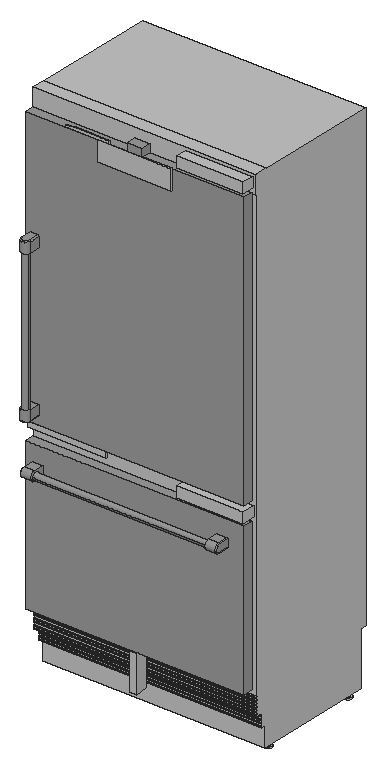
Revit family "FP-3D-Revit20-en-RS3684WRUVE1-IntegratedRefrigerator-0-90003564A", category Specialty Equipment, Revit 2020 (continued)
Definition of nested family "F&P Handle Kit - Contemporary Square Fine - Vertical"
  Forms (mm)
    Extrusion 1, solid, material <- "Material - Handle", detail levels fine
      sketch origin (0, 0, 0) x (1, 0, 0) y (0, 1, 0)
        loop
          arc (-6.16, -26.813) -> (-6.554, -27.196) -> (-6.686, -27.728) r 1
          line (-6.686, -27.728) -> (-6.256, -40.035)
          arc (-6.256, -40.035) -> (-5.951, -40.719) -> (-5.257, -41) r 1
          line (-5.257, -41) -> (5.257, -41)
          arc (5.257, -41) -> (5.951, -40.719) -> (6.256, -40.035) r 1
          line (6.256, -40.035) -> (6.686, -27.709)
          arc (6.686, -27.709) -> (6.554, -27.175) -> (6.158, -26.792) r 1
          arc (6.158, -26.792) -> (-0.004, -25.256) -> (-6.16, -26.813) r 13.038
      from -363.5 to 363.5
    Extrusion 2, solid, material <- "Material - Handle", detail levels fine
      sketch origin (0, 0, 0) x (1, 0, 0) y (0, 1, 0)
        loop
          arc (6.012, -26.626) -> (6.494, -26.614) -> (6.741, -26.2) r 0.5
          line (6.741, -26.2) -> (7.7, 0) -> (-7.7, 0) -> (-6.742, -26.174)
          arc (-6.742, -26.174) -> (-6.496, -26.587) -> (-6.015, -26.6) r 0.5
          arc (-6.015, -26.6) -> (0.002, -25.156) -> (6.012, -26.626) r 13.136
      from 243.5 to 363.5
    Extrusion 3, solid, material <- "Material - Handle", detail levels coarse+medium
      sketch origin (0, 0, 0) x (0, 1, 0) y (0, 0, 1)
        loop
          line (0, 363.5) -> (-42, 363.5) -> (-42, -363.5) -> (0, -363.5) -> (0, -243.5) -> (-26.245, -243.5) -> (-26.245, 243.5) -> (0, 243.5) -> (0, 363.5)
      from -8 to 8
    Extrusion 4, solid, material <- "Material - Handle", detail levels fine
      sketch origin (0, 0, 0) x (1, 0, 0) y (0, 1, 0)
        loop
          arc (6.012, -26.626) -> (6.494, -26.614) -> (6.741, -26.2) r 0.5
          line (6.741, -26.2) -> (7.7, 0) -> (-7.7, 0) -> (-6.742, -26.174)
          arc (-6.742, -26.174) -> (-6.496, -26.587) -> (-6.015, -26.6) r 0.5
          arc (-6.015, -26.6) -> (0.002, -25.156) -> (6.012, -26.626) r 13.136
      from -363.5 to -243.5
  Dimensions and locks
    equal spacing: plane 4 "Top", level, plane 5 "Bottom"
    "Handle - Length": plane 4 "Top" to plane 5 "Bottom"
    locked: plane 4 "Top" to plane 6 "Top Standoff" at 120
    locked: plane 7 "Bottom Standoff" to plane 5 "Bottom" at 120
    aligned and locked: level to plane 2
    aligned and locked: plane 4 "Top" to Extrusion 2
    aligned and locked: Extrusion 2 to plane 6 "Top Standoff"
    aligned and locked: plane 4 "Top" to Extrusion 1
    aligned and locked: Extrusion 1 to plane 5 "Bottom"
    aligned and locked: plane 4 "Top" to Extrusion 3 sketch curve
    aligned and locked: plane 6 "Top Standoff" to Extrusion 3 sketch curve
    aligned and locked: plane 7 "Bottom Standoff" to Extrusion 3 sketch curve
    aligned and locked: plane 5 "Bottom" to Extrusion 3 sketch curve
    aligned and locked: Extrusion 4 to plane 5 "Bottom"
    aligned and locked: plane 7 "Bottom Standoff" to Extrusion 4
  Automatic sketch dimensions
    Extrusion 1 sketch curve to plane 3 "Center (Left/Right)" = 6.686 mm
    Extrusion 1 sketch curve to plane 3 "Center (Left/Right)" = 6.256 mm
    Extrusion 1 sketch curve to Extrusion 1 sketch curve = 0.999 mm  (x4)
    plane 3 "Center (Left/Right)" to Extrusion 1 sketch curve = 0.018 mm
    plane 3 "Center (Left/Right)" to Extrusion 1 sketch curve = 5.257 mm
    plane 3 "Center (Left/Right)" to Extrusion 1 sketch curve = 5.687 mm
    plane 1 "Center (Front/Back)" to Extrusion 1 sketch curve = 41 mm
    Extrusion 1 sketch curve to Extrusion 1 sketch curve = 0.965 mm  (x2)
    Extrusion 1 sketch curve to Extrusion 1 sketch curve = 1.706 mm
    Extrusion 1 sketch curve to Extrusion 1 sketch curve = 12.307 mm
    Extrusion 1 sketch curve to Extrusion 1 sketch curve = 12.326 mm
    Extrusion 1 sketch curve to Extrusion 1 sketch curve = 0.035 mm  (x2)
    Extrusion 1 sketch curve to Extrusion 1 sketch curve = 0 mm
    plane 1 "Center (Front/Back)" to Extrusion 2 sketch curve = 0 mm
    Extrusion 2 sketch curve to plane 3 "Center (Left/Right)" = 7.7 mm
    Extrusion 2 sketch curve to plane 3 "Center (Left/Right)" = 6.742 mm
    Extrusion 2 sketch curve to Extrusion 2 sketch curve = 0.5 mm  (x2)
    Extrusion 2 sketch curve to plane 3 "Center (Left/Right)" = 0.026 mm
    plane 3 "Center (Left/Right)" to Extrusion 2 sketch curve = 6.242 mm
    plane 3 "Center (Left/Right)" to Extrusion 2 sketch curve = 7.7 mm
    plane 1 "Center (Front/Back)" to Extrusion 2 sketch curve = 26.155 mm
    Extrusion 2 sketch curve to Extrusion 2 sketch curve = 0.018 mm  (x2)
    Extrusion 2 sketch curve to Extrusion 2 sketch curve = 0.026 mm
    Extrusion 2 sketch curve to Extrusion 2 sketch curve = 12.11 mm
    Extrusion 2 sketch curve to Extrusion 2 sketch curve = 0 mm
    plane 1 "Center (Front/Back)" to Extrusion 3 sketch curve = 42 mm
    Extrusion 3 sketch curve to Extrusion 3 sketch curve = 15.755 mm
    Extrusion 3 sketch curve to Extrusion 3 sketch curve = 42 mm  (x2)
    Extrusion 4 sketch curve to plane 3 "Center (Left/Right)" = 7.7 mm
    Extrusion 4 sketch curve to plane 3 "Center (Left/Right)" = 6.742 mm
    Extrusion 4 sketch curve to Extrusion 4 sketch curve = 0.5 mm  (x2)
    Extrusion 4 sketch curve to plane 3 "Center (Left/Right)" = 0.026 mm
    plane 3 "Center (Left/Right)" to Extrusion 4 sketch curve = 6.242 mm
    plane 3 "Center (Left/Right)" to Extrusion 4 sketch curve = 7.7 mm
    plane 1 "Center (Front/Back)" to Extrusion 4 sketch curve = 38.291 mm
    Extrusion 4 sketch curve to Extrusion 4 sketch curve = 12.091 mm
    Extrusion 4 sketch curve to Extrusion 4 sketch curve = 0.018 mm  (x2)
    Extrusion 4 sketch curve to Extrusion 4 sketch curve = 0.452 mm
    Extrusion 4 sketch curve to Extrusion 4 sketch curve = 26.174 mm
    Extrusion 4 sketch curve to Extrusion 4 sketch curve = 0 mm
Definition of nested family "Handle Professional Round - Vertical"
  Parameters (values of type "AHCRD3684W - Professional round handle (1 of 2) (Vertical) 661mm")
    URL = "www.fisherpaykel.com"
    Material - Standoff = none
    Material - Handle = none
    Manufacturer = "Fisher & Paykel Appliances"
    Handle - Length = 661 mm
    Default Elevation = 0 mm
  Types (4): name
    AHCRD3084W - Professional round handle (1 of 2) (Vertical) 661mm
    AHCRD3684W - Professional round handle (1 of 2) (Vertical) 661mm
    AHCRD3684WBA - Professional round handle Brass (1 of 2) (Vertical) 661mm
    AHCRD3684WDC - Professional round handle Dark Copper (1 of 2) (Vertical) 661mm
  Reference planes
    plane 1 "Center (Front/Back)": y = 0
    plane 2: z = 0
    plane 3 "Center (Left/Right)": x = 0
    plane 4 "Top": z = 330.5
    plane 5 "Bottom": z = -330.5
    plane 6 "Top Standoff": z = 286.5
    plane 7 "Bottom Standoff": z = -286.5
  Forms (mm)
    Extrusion 1, solid, material <- "Material - Standoff", detail levels fine
      sketch origin (0, 0, 0) x (1, 0, 0) y (0, 1, 0)
        loop
          line (-18.5, 0) -> (-18.5, -41.7)
          arc (-18.5, -41.7) -> (0, -60.2) -> (18.5, -41.7) r 18.5
          line (18.5, -41.7) -> (18.5, 0) -> (-18.5, 0)
      from 286.5 to 330.5
    Extrusion 2, solid, material <- "Material - Standoff", detail levels fine
      sketch origin (0, 0, 0) x (1, 0, 0) y (0, 1, 0)
        loop
          line (-18.5, 0) -> (-18.5, -41.7)
          arc (-18.5, -41.7) -> (0, -60.2) -> (18.5, -41.7) r 18.5
          line (18.5, -41.7) -> (18.5, 0) -> (-18.5, 0)
      from -330.5 to -286.5
    Extrusion 3, solid, material <- "Material - Handle"
      sketch origin (0, 0, 0) x (1, 0, 0) y (0, 1, 0)
        loop
          circle (0, -41.7) r 12.7
      from -286.5 to 286.5
    Sweep 4, void
      path in 3D
        loop
          line (-18.5, 0, 330.5) -> (-18.5, -41.7, 330.5)
          arc (-18.5, -41.7, 330.5) -> (0, -60.2, 330.5) -> (18.5, -41.7, 330.5) r 18.5
          line (18.5, -41.7, 330.5) -> (18.5, 0, 330.5)
      profile origin (18.5, -20.85, 330.5) x (-1, 0, 0) y (0, 0, 1)
        loop
          line (0, 0) -> (0, -3) -> (3, 0) -> (0, 0)
    Sweep 5, void
      path in 3D
        loop
          line (18.5, 0, -330.5) -> (18.5, -41.7, -330.5)
          arc (18.5, -41.7, -330.5) -> (0, -60.2, -330.5) -> (-18.5, -41.7, -330.5) r 18.5
          line (-18.5, -41.7, -330.5) -> (-18.5, 0, -330.5)
      profile origin (18.5, -20.85, -330.5) x (-1, 0, 0) y (0, 0, -1)
        loop
          line (0, 0) -> (0, -3) -> (3, 0) -> (0, 0)
    Extrusion 6, solid, material <- "Material - Standoff", detail levels coarse+medium
      sketch origin (0, 0, 0) x (1, 0, 0) y (0, 1, 0)
        loop
          line (-18.5, 0) -> (-18.5, -41.7)
          arc (-18.5, -41.7) -> (0, -60.2) -> (18.5, -41.7) r 18.5
          line (18.5, -41.7) -> (18.5, 0) -> (-18.5, 0)
      from 286.5 to 330.5
    Extrusion 7, solid, material <- "Material - Standoff", detail levels coarse+medium
      sketch origin (0, 0, 0) x (1, 0, 0) y (0, 1, 0)
        loop
          line (-18.5, 0) -> (-18.5, -41.7)
          arc (-18.5, -41.7) -> (0, -60.2) -> (18.5, -41.7) r 18.5
          line (18.5, -41.7) -> (18.5, 0) -> (-18.5, 0)
      from -330.5 to -286.5
  Cuts and joins
    Sweep 4 cuts Extrusion 1
    Sweep 5 cuts Extrusion 2
  Lines and regions (mm)
    sketch lines
      curve 1: line (18.5, -41.7, 330.5) -> (18.5, 0, 330.5)
      curve 2: arc (18.5, -41.7, 330.5) -> (0, -60.2, 330.5) -> (-18.5, -41.7, 330.5) r 18.5
      curve 3: line (-18.5, 0, 330.5) -> (-18.5, -41.7, 330.5)
      curve 4: line (18.5, 0, -330.5) -> (18.5, -41.7, -330.5)
      curve 5: arc (-18.5, -41.7, -330.5) -> (0, -60.2, -330.5) -> (18.5, -41.7, -330.5) r 18.5
      curve 6: line (-18.5, -41.7, -330.5) -> (-18.5, 0, -330.5)
  Dimensions and locks
    equal spacing: plane 4 "Top", level, plane 5 "Bottom"
    "Handle - Length": plane 4 "Top" to plane 5 "Bottom"
    plane 4 "Top" to plane 6 "Top Standoff" = 44 mm
    plane 7 "Bottom Standoff" to plane 5 "Bottom" = 44 mm
    aligned and locked: level to plane 2
    aligned and locked: plane 4 "Top" to Extrusion 1
    aligned and locked: Extrusion 1 to plane 6 "Top Standoff"
    aligned and locked: Extrusion 2 to plane 5 "Bottom"
    aligned and locked: plane 7 "Bottom Standoff" to Extrusion 2
    aligned and locked: plane 6 "Top Standoff" to Extrusion 3
    aligned and locked: Extrusion 3 to plane 7 "Bottom Standoff"
    aligned and locked: plane 4 "Top" to Extrusion 6
    aligned and locked: Extrusion 7 to plane 5 "Bottom"
    aligned and locked: plane 7 "Bottom Standoff" to Extrusion 7
    aligned and locked: Extrusion 6 to plane 6 "Top Standoff"
  Automatic sketch dimensions
    plane 1 "Center (Front/Back)" to Extrusion 1 sketch curve = 0 mm
    Extrusion 1 sketch curve to plane 3 "Center (Left/Right)" = 0 mm
    Extrusion 1 sketch curve to plane 3 "Center (Left/Right)" = 18.5 mm
    plane 1 "Center (Front/Back)" to Extrusion 1 sketch curve = 41.7 mm
    plane 1 "Center (Front/Back)" to Extrusion 2 sketch curve = 0 mm
    Extrusion 2 sketch curve to plane 3 "Center (Left/Right)" = 0 mm
    Extrusion 2 sketch curve to plane 3 "Center (Left/Right)" = 18.5 mm
    plane 1 "Center (Front/Back)" to Extrusion 2 sketch curve = 41.7 mm
    Extrusion 3 sketch curve to plane 3 "Center (Left/Right)" = 0 mm
    plane 1 "Center (Front/Back)" to Extrusion 3 sketch curve = 41.7 mm
    Sweep 4 sketch curve to profile plane = 0 mm  (x2)
    Sweep 4 sketch curve to profile plane = 3 mm  (x2)
    Sweep 5 sketch curve to profile plane = 0 mm  (x2)
    Sweep 5 sketch curve to profile plane = 3 mm  (x2)
    Extrusion 6 sketch curve to plane 3 "Center (Left/Right)" = 0 mm
    Extrusion 6 sketch curve to plane 3 "Center (Left/Right)" = 18.5 mm
    plane 1 "Center (Front/Back)" to Extrusion 6 sketch curve = 41.7 mm
    Extrusion 6 sketch curve to Extrusion 6 sketch curve = 41.7 mm
    Extrusion 7 sketch curve to plane 3 "Center (Left/Right)" = 0 mm
    Extrusion 7 sketch curve to plane 3 "Center (Left/Right)" = 18.5 mm
    plane 1 "Center (Front/Back)" to Extrusion 7 sketch curve = 41.7 mm
    Extrusion 7 sketch curve to Extrusion 7 sketch curve = 41.7 mm
    radius of Extrusion 3 sketch curve = 12.7 mm
Definition of nested family "Handle Contemporary Square - Vertical"
  Parameters (values of type "AHD3RD3684W - Contemporary square handle (1 of 2) (Vertical) 727mm")
    URL = "www.fisherpaykel.com"
    Material - Handle = none
    Manufacturer = "Fisher & Paykel Appliances"
    Handle - Length = 727 mm
    Default Elevation = 0 mm
  Types (2): name
    AHD3RD3084W - Contemporary square handle (1 of 2) (Vertical) 727mm
    AHD3RD3684W - Contemporary square handle (1 of 2) (Vertical) 727mm
  Reference planes
    plane 1 "Center (Front/Back)": y = 0
    plane 2: z = 0
    plane 3 "Center (Left/Right)": x = 0
    plane 4 "Top": z = 363.5
    plane 5 "Bottom": z = -363.5
    plane 6 "Top Standoff": z = 243.5
    plane 7 "Bottom Standoff": z = -243.5
  Forms (mm)
    Extrusion 1, solid, material <- "Material - Handle", detail levels fine
      sketch origin (0, 0, 0) x (1, 0, 0) y (0, 1, 0)
        loop
          arc (-7.583, -28.701) -> (-7.89, -29.057) -> (-8, -29.514) r 1
          line (-8, -29.514) -> (-8, -40.5)
          arc (-8, -40.5) -> (-7.561, -41.561) -> (-6.5, -42) r 1.5
          line (-6.5, -42) -> (6.5, -42)
          arc (6.5, -42) -> (7.561, -41.561) -> (8, -40.5) r 1.5
          line (8, -40.5) -> (8, -29.487)
          arc (8, -29.487) -> (7.889, -29.029) -> (7.58, -28.673) r 1
          arc (7.58, -28.673) -> (-0.006, -26.256) -> (-7.583, -28.701) r 13.038
      from -363.5 to 363.5
    Extrusion 2, solid, material <- "Material - Handle", detail levels fine
      sketch origin (0, 0, 0) x (1, 0, 0) y (0, 1, 0)
        loop
          arc (7.058, -28.23) -> (7.466, -28.244) -> (7.674, -27.893) r 0.4
          line (7.674, -27.893) -> (7.674, 0) -> (-7.674, 0) -> (-7.674, -27.86)
          arc (-7.674, -27.86) -> (-7.467, -28.21) -> (-7.06, -28.198) r 0.4
          arc (-7.06, -28.198) -> (0.004, -26.156) -> (7.058, -28.23) r 13.136
      from 243.5 to 363.5
    Extrusion 3, solid, material <- "Material - Handle", detail levels fine
      sketch origin (0, 0, 0) x (1, 0, 0) y (0, 1, 0)
        loop
          arc (7.058, -28.23) -> (7.466, -28.244) -> (7.674, -27.893) r 0.4
          line (7.674, -27.893) -> (7.674, 0) -> (-7.674, 0) -> (-7.674, -27.86)
          arc (-7.674, -27.86) -> (-7.467, -28.21) -> (-7.06, -28.198) r 0.4
          arc (-7.06, -28.198) -> (0.004, -26.156) -> (7.058, -28.23) r 13.136
      from -363.5 to -243.5
    Sweep 4, void
      path in 3D
        loop
          line (-8, -29.514, 363.5) -> (-8, -40.5, 363.5)
          arc (-8, -40.5, 363.5) -> (-7.561, -41.561, 363.5) -> (-6.5, -42, 363.5) r 1.5
          line (-6.5, -42, 363.5) -> (6.5, -42, 363.5)
          arc (6.5, -42, 363.5) -> (7.561, -41.561, 363.5) -> (8, -40.5, 363.5) r 1.5
          line (8, -40.5, 363.5) -> (8, -29.487, 363.5)
      profile origin (8, -34.994, 363.5) x (-1, 0, 0) y (0, 0, 1)
        loop
          line (0, 0) -> (0, -1.3) -> (1.3, 0) -> (0, 0)
    Sweep 5, void
      path in 3D
        loop
          line (8, -29.487, -363.5) -> (8, -40.5, -363.5)
          arc (8, -40.5, -363.5) -> (7.561, -41.561, -363.5) -> (6.5, -42, -363.5) r 1.5
          line (6.5, -42, -363.5) -> (-6.5, -42, -363.5)
          arc (-6.5, -42, -363.5) -> (-7.561, -41.561, -363.5) -> (-8, -40.5, -363.5) r 1.5
          line (-8, -40.5, -363.5) -> (-8, -29.514, -363.5)
      profile origin (8, -34.994, -363.5) x (-1, 0, 0) y (0, 0, -1)
        loop
          line (0, 0) -> (0, -1.3) -> (1.3, 0) -> (0, 0)
    Extrusion 6, void
      sketch origin (0, 0, 0) x (1, 0, 0) y (0, 0, 1)
        loop
          line (-8, -362.2) -> (-8, -363.5) -> (-6.7, -363.5) -> (-8, -362.2)
        loop
          line (8, -362.2) -> (6.7, -363.5) -> (8, -363.5) -> (8, -362.2)
      from 0 to 40
    Extrusion 7, void
      sketch origin (0, 0, 0) x (1, 0, 0) y (0, 0, 1)
        loop
          line (-8, 363.5) -> (-8, 362.2) -> (-6.7, 363.5) -> (-8, 363.5)
        loop
          line (8, 363.5) -> (6.7, 363.5) -> (8, 362.2) -> (8, 363.5)
      from 0 to 40
    Extrusion 8, solid, material <- "Material - Handle", detail levels coarse+medium
      sketch origin (0, 0, 0) x (0, 1, 0) y (0, 0, 1)
        loop
          line (0, 363.5) -> (-42, 363.5) -> (-42, -363.5) -> (0, -363.5) -> (0, -243.5) -> (-26.245, -243.5) -> (-26.245, 243.5) -> (0, 243.5) -> (0, 363.5)
      from -8 to 8
  Cuts and joins
    Sweep 4, Sweep 5, Extrusion 6, Extrusion 7 cuts Extrusion 1
    Extrusion 6 cuts Extrusion 3
    Extrusion 7 cuts Extrusion 2
  Lines and regions (mm)
    sketch lines
      curve 1: line (8, -40.5, 363.5) -> (8, -29.487, 363.5)
      curve 2: arc (8, -40.5, 363.5) -> (7.561, -41.561, 363.5) -> (6.5, -42, 363.5) r 1.5
      curve 3: line (-6.5, -42, 363.5) -> (6.5, -42, 363.5)
      curve 4: arc (-6.5, -42, 363.5) -> (-7.561, -41.561, 363.5) -> (-8, -40.5, 363.5) r 1.5
      curve 5: line (-8, -29.514, 363.5) -> (-8, -40.5, 363.5)
      curve 6: line (8, -29.487, -363.5) -> (8, -40.5, -363.5)
      curve 7: arc (6.5, -42, -363.5) -> (7.561, -41.561, -363.5) -> (8, -40.5, -363.5) r 1.5
      curve 8: line (6.5, -42, -363.5) -> (-6.5, -42, -363.5)
      curve 9: arc (-8, -40.5, -363.5) -> (-7.561, -41.561, -363.5) -> (-6.5, -42, -363.5) r 1.5
      curve 10: line (-8, -40.5, -363.5) -> (-8, -29.514, -363.5)
  Dimensions and locks
    equal spacing: plane 4 "Top", level, plane 5 "Bottom"
    "Handle - Length": plane 4 "Top" to plane 5 "Bottom"
    locked: plane 4 "Top" to plane 6 "Top Standoff" at 120
    locked: plane 7 "Bottom Standoff" to plane 5 "Bottom" at 120
    aligned and locked: level to plane 2
    aligned and locked: plane 4 "Top" to Extrusion 2
    aligned and locked: Extrusion 2 to plane 6 "Top Standoff"
    aligned and locked: plane 4 "Top" to Extrusion 1
    aligned and locked: Extrusion 1 to plane 5 "Bottom"
    aligned and locked: Extrusion 3 to plane 5 "Bottom"
    aligned and locked: plane 7 "Bottom Standoff" to Extrusion 3
    aligned and locked: plane 4 "Top" to Extrusion 8 sketch curve
    aligned and locked: plane 6 "Top Standoff" to Extrusion 8 sketch curve
    aligned and locked: plane 7 "Bottom Standoff" to Extrusion 8 sketch curve
    aligned and locked: plane 5 "Bottom" to Extrusion 8 sketch curve
    aligned and locked: plane 1 "Center (Front/Back)" to Extrusion 8 sketch curve  (x2)
  Automatic sketch dimensions
    Extrusion 1 sketch curve to plane 3 "Center (Left/Right)" = 8 mm
    Extrusion 1 sketch curve to Extrusion 1 sketch curve = 1 mm  (x2)
    Extrusion 1 sketch curve to Extrusion 1 sketch curve = 1.5 mm
    plane 3 "Center (Left/Right)" to Extrusion 1 sketch curve = 0.018 mm
    plane 3 "Center (Left/Right)" to Extrusion 1 sketch curve = 6.5 mm
    plane 3 "Center (Left/Right)" to Extrusion 1 sketch curve = 7 mm
    plane 1 "Center (Front/Back)" to Extrusion 1 sketch curve = 42 mm
    Extrusion 1 sketch curve to Extrusion 1 sketch curve = 1.206 mm
    Extrusion 1 sketch curve to Extrusion 1 sketch curve = 10.986 mm
    Extrusion 1 sketch curve to Extrusion 1 sketch curve = 11.013 mm
    Extrusion 1 sketch curve to Extrusion 1 sketch curve = 0 mm
    plane 1 "Center (Front/Back)" to Extrusion 2 sketch curve = 0 mm
    Extrusion 2 sketch curve to plane 3 "Center (Left/Right)" = 7.674 mm
    Extrusion 2 sketch curve to Extrusion 2 sketch curve = 0.4 mm  (x2)
    Extrusion 2 sketch curve to plane 3 "Center (Left/Right)" = 0.026 mm
    plane 3 "Center (Left/Right)" to Extrusion 2 sketch curve = 7.274 mm
    plane 1 "Center (Front/Back)" to Extrusion 2 sketch curve = 27.86 mm
    Extrusion 2 sketch curve to Extrusion 2 sketch curve = 0.033 mm
    Extrusion 2 sketch curve to Extrusion 2 sketch curve = 11.398 mm
    Extrusion 2 sketch curve to Extrusion 2 sketch curve = 0 mm
    plane 1 "Center (Front/Back)" to Extrusion 3 sketch curve = 0 mm
    Extrusion 3 sketch curve to Extrusion 3 sketch curve = 0.4 mm  (x2)
    Extrusion 3 sketch curve to Extrusion 3 sketch curve = 7.248 mm
    Extrusion 3 sketch curve to Extrusion 3 sketch curve = 7.3 mm
    plane 1 "Center (Front/Back)" to Extrusion 3 sketch curve = 27.86 mm
    Extrusion 3 sketch curve to Extrusion 3 sketch curve = 0.033 mm
    Extrusion 3 sketch curve to Extrusion 3 sketch curve = 11.398 mm
    Extrusion 3 sketch curve to Extrusion 3 sketch curve = 0 mm
    Sweep 4 sketch curve to profile plane = 0 mm  (x2)
    Sweep 4 sketch curve to profile plane = 1.3 mm  (x2)
    Sweep 5 sketch curve to profile plane = 0 mm  (x2)
    Sweep 5 sketch curve to profile plane = 1.3 mm  (x2)
    Extrusion 6 sketch curve to plane 5 "Bottom" = 0 mm  (x2)
    plane 5 "Bottom" to Extrusion 6 sketch curve = 1.3 mm  (x2)
    Extrusion 6 sketch curve to plane 3 "Center (Left/Right)" = 8 mm
    Extrusion 6 sketch curve to Extrusion 6 sketch curve = 1.3 mm  (x2)
    plane 3 "Center (Left/Right)" to Extrusion 6 sketch curve = 8 mm
    Extrusion 7 sketch curve to plane 4 "Top" = 0 mm  (x2)
    Extrusion 7 sketch curve to plane 3 "Center (Left/Right)" = 8 mm
    Extrusion 7 sketch curve to Extrusion 7 sketch curve = 1.3 mm  (x2)
    plane 3 "Center (Left/Right)" to Extrusion 7 sketch curve = 8 mm
    Extrusion 7 sketch curve to plane 4 "Top" = 1.3 mm  (x2)
    plane 1 "Center (Front/Back)" to Extrusion 8 sketch curve = 26.245 mm
    plane 1 "Center (Front/Back)" to Extrusion 8 sketch curve = 42 mm
    Extrusion 3 sketch curve to plane 3 "Center (Left/Right)" = 7.674 mm
Definition of nested family "Handle Contemporary Round - Vertical"
  Parameters (values of type "AHSRD3684W - Contemporary round handle (1 of 2) (Vertical) 727mm")
    URL = "www.fisherpaykel.com"
    Material - Handle = none
    Manufacturer = "Fisher & Paykel Appliances"
    Handle - Length = 727 mm
    Default Elevation = 0 mm
  Types (2): name
    AHSRD3084W - Contemporary round handle (1 of 2) (Vertical) 727mm
    AHSRD3684W - Contemporary round handle (1 of 2) (Vertical) 727mm
  Reference planes
    plane 1 "Center (Front/Back)": y = 0
    plane 2: z = 0
    plane 3 "Center (Left/Right)": x = 0
    plane 4 "Top": z = 363.5
    plane 5 "Bottom": z = -363.5
    plane 6 "Top Standoff": z = 243.5
    plane 7 "Bottom Standoff": z = -243.5
  Forms (mm)
    Extrusion 1, solid, material <- "Material - Handle"
      sketch origin (0, 0, 0) x (1, 0, 0) y (0, 1, 0)
        loop
          circle (0, -32.3) r 8.7
      from -243.5 to 243.5
    Extrusion 2, solid, material <- "Material - Handle", detail levels fine
      sketch origin (0, 0, 0) x (1, 0, 0) y (0, 1, 0)
        loop
          line (-8.7, 0) -> (-8.7, -32.3)
          arc (-8.7, -32.3) -> (0, -41) -> (8.7, -32.3) r 8.7
          line (8.7, -32.3) -> (8.7, 0) -> (-8.7, 0)
      from 243.5 to 363.5
    Extrusion 3, solid, material <- "Material - Handle", detail levels fine
      sketch origin (0, 0, 0) x (1, 0, 0) y (0, 1, 0)
        loop
          line (-8.7, 0) -> (-8.7, -32.3)
          arc (-8.7, -32.3) -> (0, -41) -> (8.7, -32.3) r 8.7
          line (8.7, -32.3) -> (8.7, 0) -> (-8.7, 0)
      from -363.5 to -243.5
    Sweep 4, void
      path in 3D
        loop
          line (8.7, 0, -363.5) -> (8.7, -32.3, -363.5)
          arc (8.7, -32.3, -363.5) -> (0, -41, -363.5) -> (-8.7, -32.3, -363.5) r 8.7
          line (-8.7, -32.3, -363.5) -> (-8.7, 0, -363.5)
      profile origin (8.7, -16.15, -363.5) x (-1, 0, 0) y (0, 0, -1)
        loop
          line (0, 0) -> (0, -1) -> (1, 0) -> (0, 0)
    Sweep 5, void
      path in 3D
        loop
          line (-8.7, 0, 363.5) -> (-8.7, -32.3, 363.5)
          arc (-8.7, -32.3, 363.5) -> (0, -41, 363.5) -> (8.7, -32.3, 363.5) r 8.7
          line (8.7, -32.3, 363.5) -> (8.7, 0, 363.5)
      profile origin (8.7, -16.15, 363.5) x (-1, 0, 0) y (0, 0, 1)
        loop
          line (0, 0) -> (0, -1) -> (1, 0) -> (0, 0)
    Extrusion 6, solid, material <- "Material - Handle", detail levels coarse+medium
      sketch origin (0, 0, 0) x (1, 0, 0) y (0, 1, 0)
        loop
          line (-8.7, 0) -> (-8.7, -32.3)
          arc (-8.7, -32.3) -> (0, -41) -> (8.7, -32.3) r 8.7
          line (8.7, -32.3) -> (8.7, 0) -> (-8.7, 0)
      from 243.5 to 363.5
    Extrusion 7, solid, material <- "Material - Handle", detail levels coarse+medium
      sketch origin (0, 0, 0) x (1, 0, 0) y (0, 1, 0)
        loop
          line (-8.7, 0) -> (-8.7, -32.3)
          arc (-8.7, -32.3) -> (0, -41) -> (8.7, -32.3) r 8.7
          line (8.7, -32.3) -> (8.7, 0) -> (-8.7, 0)
      from -363.5 to -243.5
  Cuts and joins
    Sweep 4 cuts Extrusion 3
    Sweep 5 cuts Extrusion 2
  Lines and regions (mm)
    sketch lines
      curve 1: line (8.7, 0, -363.5) -> (8.7, -32.3, -363.5)
      curve 2: arc (-8.7, -32.3, -363.5) -> (0, -41, -363.5) -> (8.7, -32.3, -363.5) r 8.7
      curve 3: line (-8.7, -32.3, -363.5) -> (-8.7, 0, -363.5)
      curve 4: line (8.7, -32.3, 363.5) -> (8.7, 0, 363.5)
      curve 5: arc (8.7, -32.3, 363.5) -> (0, -41, 363.5) -> (-8.7, -32.3, 363.5) r 8.7
      curve 6: line (-8.7, 0, 363.5) -> (-8.7, -32.3, 363.5)
  Dimensions and locks
    equal spacing: plane 4 "Top", level, plane 5 "Bottom"
    "Handle - Length": plane 4 "Top" to plane 5 "Bottom"
    locked: plane 4 "Top" to plane 6 "Top Standoff" at 120
    locked: plane 7 "Bottom Standoff" to plane 5 "Bottom" at 120
    Extrusion 2 sketch curve to Extrusion 2 sketch curve = 17.4 mm
    Extrusion 3 sketch curve to Extrusion 3 sketch curve = 17.4 mm
    Extrusion 6 sketch curve to Extrusion 6 sketch curve = 17.4 mm
    Extrusion 7 sketch curve to Extrusion 7 sketch curve = 17.4 mm
    aligned and locked: level to plane 2
    aligned and locked: plane 4 "Top" to Extrusion 2
    aligned and locked: Extrusion 3 to plane 5 "Bottom"
    aligned and locked: plane 7 "Bottom Standoff" to Extrusion 3
    aligned and locked: Extrusion 1 to plane 7 "Bottom Standoff"
    aligned and locked: plane 6 "Top Standoff" to Extrusion 1
    aligned and locked: Extrusion 2 to Extrusion 1
    aligned and locked: Extrusion 6 to Extrusion 1
    aligned and locked: plane 4 "Top" to Extrusion 6
    aligned and locked: Extrusion 7 to Extrusion 1
    aligned and locked: Extrusion 7 to plane 5 "Bottom"
  Automatic sketch dimensions
    Extrusion 1 sketch curve to plane 3 "Center (Left/Right)" = 0 mm
    plane 1 "Center (Front/Back)" to Extrusion 1 sketch curve = 32.3 mm
    plane 1 "Center (Front/Back)" to Extrusion 2 sketch curve = 0 mm
    Extrusion 2 sketch curve to plane 3 "Center (Left/Right)" = 0 mm
    Extrusion 2 sketch curve to plane 3 "Center (Left/Right)" = 8.7 mm
    plane 1 "Center (Front/Back)" to Extrusion 2 sketch curve = 32.3 mm
    plane 1 "Center (Front/Back)" to Extrusion 3 sketch curve = 0 mm
    Extrusion 3 sketch curve to plane 3 "Center (Left/Right)" = 0 mm
    Extrusion 3 sketch curve to plane 3 "Center (Left/Right)" = 8.7 mm
    plane 1 "Center (Front/Back)" to Extrusion 3 sketch curve = 32.3 mm
    Sweep 4 sketch curve to profile plane = 0 mm  (x2)
    Sweep 4 sketch curve to profile plane = 1 mm  (x2)
    Sweep 5 sketch curve to profile plane = 0 mm  (x2)
    Sweep 5 sketch curve to profile plane = 1 mm  (x2)
    Extrusion 6 sketch curve to plane 3 "Center (Left/Right)" = 0 mm
    Extrusion 6 sketch curve to plane 3 "Center (Left/Right)" = 8.7 mm
    plane 1 "Center (Front/Back)" to Extrusion 6 sketch curve = 32.3 mm
    Extrusion 6 sketch curve to Extrusion 6 sketch curve = 32.3 mm
    Extrusion 7 sketch curve to plane 3 "Center (Left/Right)" = 0 mm
    Extrusion 7 sketch curve to plane 3 "Center (Left/Right)" = 8.7 mm
    plane 1 "Center (Front/Back)" to Extrusion 7 sketch curve = 32.3 mm
    Extrusion 7 sketch curve to Extrusion 7 sketch curve = 32.3 mm
    radius of Extrusion 1 sketch curve = 8.7 mm
Definition of nested family "Visibility Control Note 18"
  Types (3): name
    New
    Resolved
    Active
  Reference planes
    plane 1: y = 0
    plane 2: x = 0
  Text (mm)
    text "Edit Type: \nTo control handle kit \nand door panel visibility\n options\n\nDelete unwanted kits \nto reduce file size" at (-0.165, 35.556, 0)
